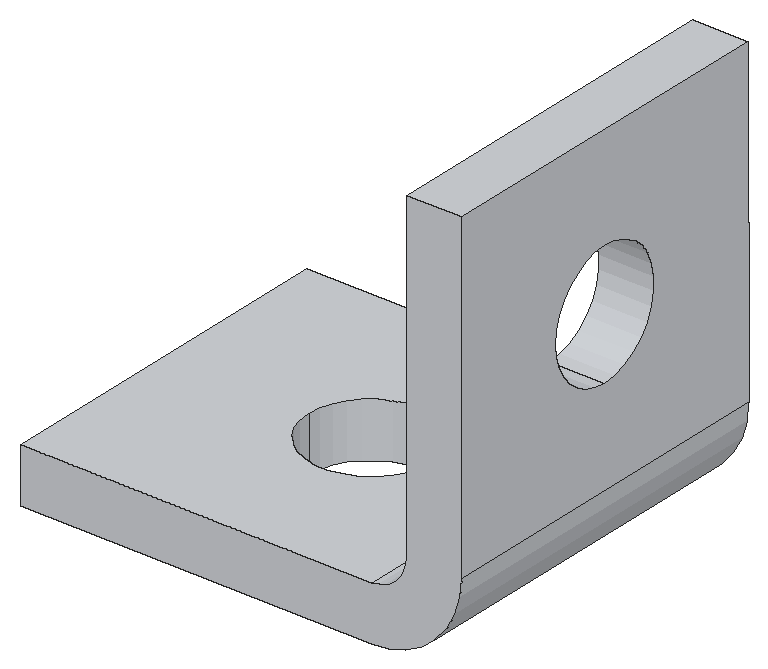
Revit family "Fitting-Ninety_Degree_Angle-Unistrut-P1026", category Specialty Equipment, Revit 2012
Parameters (values of type "P1026")
  ecoScorecard_data = "http://products.ecoscorecard.com/atkore/P1026"
  ecoScorecard Product Page = "http://products.ecoscorecard.com/atkore/P1026?action=html"
  Weight Per Piece = 0.38 lbf
  Unit = none
  Unistrut Part Number = "P1026"  # constant formula
  URL = "http://unistrut.us/index.php"
  Thickness = 1/4"  # constant formula
  Subcategory = "Nintey Degree Angle Fittings"  # constant formula
  Product Page URL = "http://unistrut.us/index.php?WP=cat_detail&S=S05&P=P1026"
  Power Strut Part Number = "PS 603"  # constant formula
  Part Type = "Fitting"  # constant formula
  Overall Width = 1 5/8"  # constant formula
  Overall Length = 2"  # constant formula
  Overall Height = 1 7/8"  # constant formula
  Model = "P1026"
  Material = ""
  Manufacturer Phone - Toll Free = "800-882-5543"  # constant formula
  Manufacturer Phone = "708-339-1610"  # constant formula
  Manufacturer Fax = "708-339-7814"  # constant formula
  Manufacturer Email = "mailto:jshaw@atkore.com"
  Manufacturer Address = "16100 South Lathrop Avenue, Harvey, IL 60426"  # constant formula
  Manufacturer = "Unistrut by Atkore International"  # constant formula
  Load Capacity Note = "Visit the product page for load application and capacity."  # constant formula
  Literature URL = "http://unistrut.us/index.php?WP=LItLibrary"
  Hole Diameter = 9/16"  # constant formula
  Default Elevation = 0"
  Cost Info = "mailto:jshaw@atkore.com"
  CAD URL = "http://unistrut.us/index.php?WP=CAD3d"
  Assembly Code = "D5020100"
  95 CSI = "16070"  # constant formula
  04 CSI = "26 05 48"  # constant formula
Reference planes (in)
  plane 1 "Center (Front/Back)": y = 0
  plane 2: z = 0
  plane 3 "Center (Left/Right)": x = 0
  plane 4: x = -2
  plane 5: y = 1.625
  plane 6: z = 1.875
  plane 7: x = -1.06099
  plane 8: z = 1.125
Dimensions and locks (in)
  "Overall Length": plane 4 to plane 3 "Center (Left/Right)"
  "Overall Width": plane 5 to plane 1 "Center (Front/Back)"
  "Overall Height": plane 6 to plane 2
  aligned and locked: level to plane 2
  aligned and locked: plane 3 "Center (Left/Right)" to nested 1  (x2)
  aligned and locked: plane 1 "Center (Front/Back)" to nested 1  (x2)
  aligned and locked: plane 5 to nested 1  (x2)
  aligned and locked: nested 1 to level
  aligned and locked: plane 6 to nested 1
  aligned and locked: plane 4 to nested 1
  aligned and locked: nested 1 to plane 1 "Center (Front/Back)"
Nested families (in)
  nested 1: "1026" at (0, 0, 0), type "1281"
Definition of nested family "1026"
  Parameters (values of type "1281")
    Unit = none
    URL = ""
    Thickness = 1/4"
    Overall Width = 1 5/8"
    Overall Length = 2"
    Overall Height = 1 7/8"
    Manufacturer = ""
    Hole Diameter = 9/16"
    Assembly Code = ""
  Reference planes (in)
    plane 1 "Center (Front/Back)": y = 0
    plane 2: z = 0
    plane 3 "Center (Left/Right)": x = 0
    plane 4: z = 1.875
    plane 5: x = -2
    plane 6: y = 1.625
    plane 7: x = -1.1875
  Forms (in)
    Extrusion 1, void
      sketch origin (-1.875, 1.625, -0.0625) x (0, 0, 1) y (0, 1, 0)
        loop
          circle (1.1875, -0.8125) r 0.28125
      from -1.625 to -1.875
    Extrusion 2, void
      sketch origin (-1.875, 1.625, -0.0625) x (1, 0, 0) y (0, 1, 0)
        loop
          circle (0.81401, -0.8125) r 0.28125
      from 0.0625 to 0.3125
    Extrusion 3, solid
      sketch origin (-1.875, 1.625, 0) x (0, 0, 1) y (-1, 0, 0)
        loop
          line (0.25, 0.125) -> (0, 0.125) -> (0, -1.46823)
          arc (0, -1.46823) -> (0.11914, -1.75586) -> (0.40677, -1.875) r 0.40677
          line (0.40677, -1.875) -> (1.875, -1.875) -> (1.875, -1.625) -> (0.4049, -1.625)
          arc (0.4049, -1.625) -> (0.29537, -1.57963) -> (0.25, -1.4701) r 0.1549
          line (0.25, -1.4701) -> (0.25, 0.125)
      from 0 to 1.625
  Cuts and joins
    Extrusion 1, Extrusion 2 cuts Extrusion 3
  Dimensions and locks (in)
    "Overall Height": plane 4 to plane 2
    "Overall Width": plane 1 "Center (Front/Back)" to plane 6
    "Overall Length": plane 5 to plane 3 "Center (Left/Right)"
    locked: plane 5 to plane 7 at 0.8125
    aligned and locked: level to plane 2
    aligned and locked: Extrusion 3 to Extrusion 2  (x2)
    aligned and locked: plane 5 to cut or joined group of Extrusion 1, Extrusion 2, Extrusion 3
  Automatic sketch dimensions
    Extrusion 1 sketch curve to plane 4 = 3/4"
    Extrusion 1 sketch curve to plane 1 "Center (Front/Back)" = 13/16"
    Extrusion 2 sketch curve to plane 7 = 0.12651"
    Extrusion 2 sketch curve to plane 1 "Center (Front/Back)" = 13/16"
    Extrusion 3 sketch curve to level = 0"
    Extrusion 3 sketch curve to plane 3 "Center (Left/Right)" = 0"
    Extrusion 3 sketch curve to plane 4 = 0"
    Extrusion 3 sketch curve to plane 5 = 0"
    level to Extrusion 3 sketch curve = 1/4"
    Extrusion 3 sketch curve to Extrusion 3 sketch curve = 0.1549"
    Extrusion 3 sketch curve to Extrusion 3 sketch curve = 0.00187"
    Extrusion 3 sketch curve to Extrusion 3 sketch curve = 0.15677"
    radius of Extrusion 1 sketch curve = 9/32"
    radius of Extrusion 2 sketch curve = 9/32"
